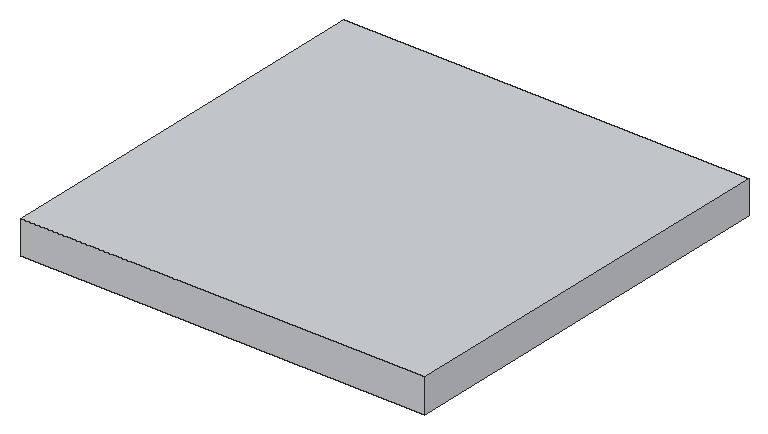
Revit family "DMElétrico_Circuito_Controles", category Dispositivos de comunicação, Revit 2025
Family settings
  Cota do conector redondo = Utilizar diâmetro
  Tipo de parte = Normal
  Com base no plano de trabalho = Não
  Sempre na vertical = Sim
  Corte com vazios quando carregada = Não
  Manter orientação da anotação = Não
  Compartilhado = Não
  Ponto de cálculo do ambiente = Não
Parameters
  Elevação padrão = 0 mm
Reference planes
  plane 1 "Center (Front/Back)": y = 0
  plane 2: z = 0
  plane 3 "Center (Left/Right)": x = 0
Forms (mm)
  Extrusion 1, solid
    sketch origin (0, 0, 0) x (1, 0, 0) y (0, 1, 0)
      loop
        line (-15, 15) -> (-15, -15) -> (15, -15) -> (15, 15) -> (-15, 15)
    from 0 to -2.5
Lines and regions (mm)
  model lines
    curve 1: circle (0, 0, 0) r 15 normal (0, 0, 1)
    curve 2: circle (0, 0, 0) r 15 normal (0, -1, 0)
    curve 3: circle (0, 0, 0) r 15 normal (1, 0, 0)
Dimensions and locks
  aligned and locked: level to plane 2
Connectors
  cabletrayconduit at (0, 0, 0), diameter 32
    settings: on Extrusion 1, index 1, connector width 300 mm, connector height 300 mm, connector angle 0.00°, system type 32, placement type 0, profile type 0, connector reference index -1, is primary connector yes, connector utility param no, connector description ""
  cabletrayconduit at (0, 0, -2.5), diameter 32
    settings: on Extrusion 1, index 2, connector width 300 mm, connector height 300 mm, connector angle 0.00°, system type 32, placement type 0, profile type 0, connector reference index -1, is primary connector no, connector utility param no, connector description ""
  electrical at (0, 0, 0)
    settings: on Extrusion 1, index 3, voltage 0 V, apparent load 0 VA, apparent load phase1 0 VA, apparent load phase2 0 VA, apparent load phase3 0 VA, power factor 1, load classification "Outro", number of poles 1, system type 13, power factor state 1, is connector primary yes, connector utility no, sub classification motor no, connector description ""
